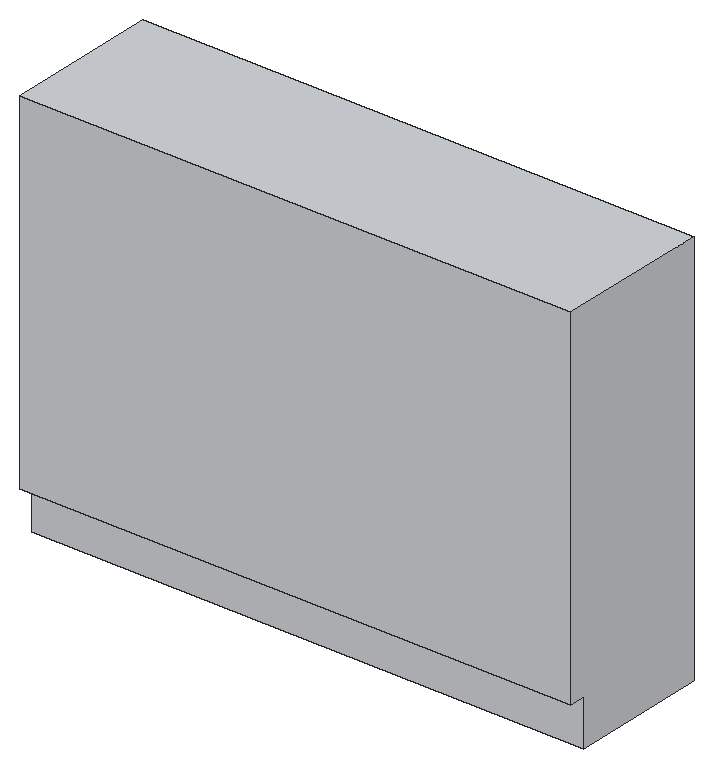
Revit family "M_Aquecedor de unidade - Armário", category Equipamento mecânico, Revit 2019
Family settings
  Cota do conector redondo = Utilizar diâmetro
  Tipo de parte = Normal
  Número OmniClass = 23.75.70.17.34
  Título OmniClass = Unit Heaters
  ID de item do Seek = Unit Heater - Cabinet-0000-CAN-ENU
  Com base no plano de trabalho = Não
  Sempre na vertical = Sim
  Corte com vazios quando carregada = Não
  Compartilhado = Não
  Ponto de cálculo do ambiente = Não
Parameters (values of type "3-6 kW")
  Voltagem = 208 V
  Número de pólos = 3
  Classificação de carga = Aquecimento
  Material do aquecedor = none
  Comprimento do aquecedor = 914 mm
  Seta [instance] = yes
  Carga aparente [instance] = 6000 VA
Types (5, lengths in mm): name | Comprimento do aquecedor | Carga aparente
  (no name) | 914 | 6000 VA
  3-6 kW | 914 | 6000 VA
  6-10 kW | 1219 | 10000 VA
  9-18 kW | 1651 | 18000 VA
  12-24 kW | 2032 | 24000 VA
Reference planes
  plane 1 "Centro (Frente/Trás)": y = 0
  plane 2: z = 0
  plane 3 "Centro (Esquerda/Direita)": x = 0
  plane 4: x = 914
  plane 5: x = 457
  plane 6: y = -304.8
  plane 7: y = -406.4
  plane 8: y = -457.2
  plane 9: y = -419.1
  plane 10: y = -444.5
  plane 11: y = -558.8
  plane 12: y = -685.8
  plane 13: x = 431.6
  plane 14: x = 482.4
  plane 15: x = 418.9
  plane 16: x = 495.1
  plane 17: z = 609.6
  plane 18: z = 127
  plane 19: z = 533.383
  plane 20: x = 50.8
  plane 21: x = 863.2
  plane 22: z = 76.2
  plane 23: y = -25.4
  plane 24: z = 368.3
Forms (mm)
  Extrusion 1, solid, material <- "Material do aquecedor"
    sketch origin (0, 0, 0) x (0, 1, 0) y (0, 0, 1)
      loop
        line (0, 0) -> (0, 660.4) -> (-254, 660.4) -> (-254, 76.2) -> (-228.6, 76.2) -> (-228.6, 0) -> (0, 0)
    from 0 to 914
Lines and regions (mm)
  symbolic lines, visible <- "Seta", detail levels coarse+medium
    curve 1: line (457, -304.8, 0) -> (457, -406.4, 0)
    curve 2: line (457, -406.4, 0) -> (495.1, -419.1, 0)
    curve 3: line (495.1, -419.1, 0) -> (418.9, -444.5, 0)
    curve 4: line (418.9, -444.5, 0) -> (457, -457.2, 0)
    curve 5: line (457, -457.2, 0) -> (457, -558.8, 0)
    curve 6: line (431.6, -558.8, 0) -> (482.4, -558.8, 0)
    curve 7: line (482.4, -558.8, 0) -> (457, -685.8, 0)
    curve 8: line (457, -685.8, 0) -> (431.6, -558.8, 0)
  symbolic lines
    curve 9: line (0, 0, 0) -> (914, 0, 0)
    curve 10: line (0, -254, 0) -> (0, 0, 0)
    curve 11: line (914, -254, 0) -> (0, -254, 0)
    curve 12: line (914, 0, 0) -> (914, -254, 0)
  model lines, detail levels fine
    curve 13: line (50.8, -254, 609.6) -> (863.2, -254, 609.6)
    curve 14: line (50.8, -254, 609.6) -> (50.8, -254, 533.4)
    curve 15: line (50.8, -254, 596.9) -> (863.2, -254, 596.9)
    curve 16: line (50.8, -254, 584.2) -> (863.2, -254, 584.2)
    curve 17: line (50.8, -254, 571.5) -> (863.2, -254, 571.5)
    curve 18: line (50.8, -254, 558.8) -> (863.2, -254, 558.8)
    curve 19: line (50.8, -254, 546.1) -> (863.2, -254, 546.1)
    curve 20: line (50.8, -254, 533.4) -> (863.2, -254, 533.4)
    curve 21: line (863.2, -254, 609.6) -> (863.2, -254, 533.4)
    curve 22: line (50.8, -254, 127) -> (863.2, -254, 127)
    curve 23: line (50.8, -254, 127) -> (50.8, -254, 203.2)
    curve 24: line (50.8, -254, 139.7) -> (863.2, -254, 139.7)
    curve 25: line (50.8, -254, 152.4) -> (863.2, -254, 152.4)
    curve 26: line (50.8, -254, 165.1) -> (863.2, -254, 165.1)
    curve 27: line (50.8, -254, 177.8) -> (863.2, -254, 177.8)
    curve 28: line (50.8, -254, 190.5) -> (863.2, -254, 190.5)
    curve 29: line (50.8, -254, 203.2) -> (863.2, -254, 203.2)
    curve 30: line (863.2, -254, 127) -> (863.2, -254, 203.2)
Dimensions and locks
  "Comprimento do aquecedor": plane 3 "Centro (Esquerda/Direita)" to plane 4
  equal spacing: plane 3 "Centro (Esquerda/Direita)", plane 5, plane 4
  equal spacing: plane 13, plane 5, plane 14
  equal spacing: plane 15, plane 5, plane 16
  locked: plane 13 to plane 14 at 50.8
  locked: plane 15 to plane 16 at 76.2
  locked: plane 18 to Extrusion 1 at 50.8
  locked: Extrusion 1 to plane 17 at 50.8
  locked: plane 20 to plane 3 "Centro (Esquerda/Direita)" at 50.8
  locked: plane 21 to plane 4 at 50.8
  equal spacing: plane 17, plane 24, plane 18
  aligned and locked: plane 4 to Extrusion 1
  aligned and locked: curve 1 to plane 5
  aligned and locked: curve 5 to plane 5
  aligned and locked: plane 16 to curve 3
  aligned and locked: plane 15 to curve 4
  aligned and locked: plane 6 to curve 1
  aligned and locked: Extrusion 1 to curve 9
  aligned and locked: curve 9 to Extrusion 1
  aligned and locked: Extrusion 1 to curve 12
  aligned and locked: curve 12 to Extrusion 1
  aligned and locked: plane 12 to curve 8
  aligned and locked: curve 14 to plane 20
  aligned and locked: plane 21 to curve 17
  aligned and locked: plane 21 to curve 18
  aligned and locked: plane 20 to curve 23
  aligned and locked: curve 30 to plane 21
  aligned and locked: plane 21 to curve 30
Automatic sketch dimensions
  curve 6 to plane 11 = 0 mm
  curve 6 to plane 13 = 0 mm
  curve 7 to plane 5 = 0 mm
  curve 6 to plane 14 = 0 mm
  curve 4 to plane 8 = 0 mm
  curve 4 to plane 10 = 0 mm
  curve 2 to plane 9 = 0 mm
  curve 1 to plane 7 = 0 mm
  Extrusion 1 sketch curve to plane 22 = 0 mm
  Extrusion 1 sketch curve to level = 0 mm
  Extrusion 1 sketch curve to plane 1 "Centro (Frente/Trás)" = 0 mm
  plane 6 to Extrusion 1 sketch curve = 76.2 mm
  plane 6 to Extrusion 1 sketch curve = 50.8 mm
  plane 17 to Extrusion 1 sketch curve = 50.8 mm
  curve 22 to plane 18 = 0 mm
  curve 13 to plane 17 = 0 mm
  curve 15 to plane 17 = 12.7 mm
  curve 15 to curve 16 = 12.7 mm
  curve 16 to curve 17 = 12.7 mm
  curve 17 to curve 18 = 12.7 mm
  curve 18 to curve 19 = 12.7 mm
  plane 19 to curve 20 = 0.017 mm
  plane 18 to curve 30 = 76.2 mm
  curve 23 to curve 28 = 12.7 mm
  curve 28 to curve 27 = 12.7 mm
  curve 27 to curve 26 = 12.7 mm
  curve 26 to curve 25 = 12.7 mm
  plane 18 to curve 24 = 12.7 mm
Connectors
  electrical at (0, -25.4, 126.983), driven by "Voltagem", driven by "Número de pólos", driven by "Carga aparente", driven by "Classificação de carga"
    settings: on Extrusion 1, index 2, voltage 208 V, apparent load 6000 VA, apparent load phase1 0 VA, apparent load phase2 0 VA, apparent load phase3 0 VA, power factor 0.8, load classification "Aquecimento", number of poles 3, system type 30, power factor state 1, is connector primary yes, connector utility no, sub classification motor no, connector description ""
